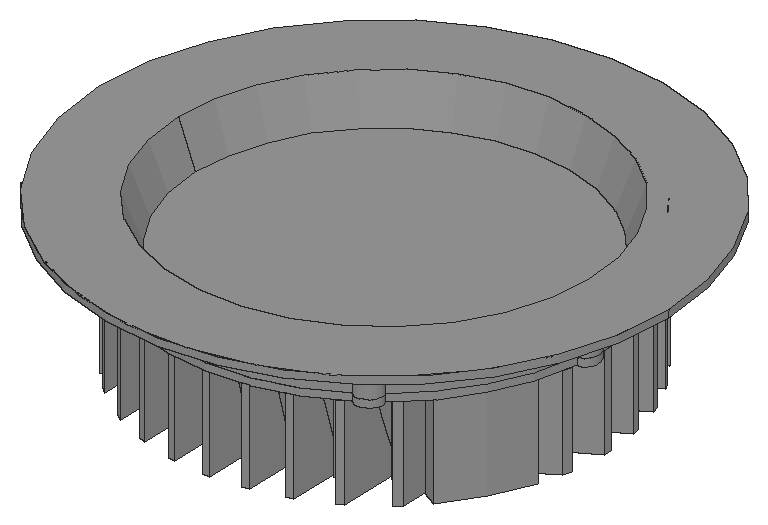
Revit family "Iiris 18W", category Lighting Fixtures, host Face, Revit 2019
Family settings
  Host = Face
  Round Connector Dimension = Use Diameter
  Part Type = Normal
  OmniClass Number = 23.80.70.11.11
  OmniClass Title = General Luminaries, Non Directional
  Cut with Voids When Loaded = No
  Light Source = Yes
  Shared = No
  Room Calculation Point = No
Parameters (values of type "Iiris 18W, Warm White, White, Dali, 230V - 34AV996L018XDA")
  Wattage Comments = "18W"
  Wattage = 18 W
  built-in parameter 1150110 = 1 (stored number, unit not read)
  Voltage = 230 V
  URL = "www.winled.fi"
  Type Image = Iiris 18W.png
  built-in parameter 1114217 = 1 (stored number, unit not read)
  Tilt Angle = -90.00°
  built-in parameter 1150109 = 1 (stored number, unit not read)
  built-in parameter 1150134 = (empty or 0)
  built-in parameter 1150113 = 1 (stored number, unit not read)
  Product Number = "34AV996L018XDA"
  Position Number = ""
  Photometric Web File = "Iiris 18W LV.ies"
  Operating Temperature Range = "-20° to +40°C"
  Model = "Iiris 18W"
  Manufacturer = "Winled Oy Ltd"
  built-in parameter 1150105 = 111.25 (stored number, unit not read)
  Lumens = 1398.06 lm
  built-in parameter 1150115 = 1 (stored number, unit not read)
  Lumens Output = "1398lm"
  built-in parameter 1150137 = (empty or 0)
  built-in parameter 1150139 = (empty or 0)
  Lifetime L70 = "40000h"
  Last Updated = "25.2.2016"
  built-in parameter 1150112 = 1 (stored number, unit not read)
  built-in parameter 1150114 = 1 (stored number, unit not read)
  Lamp = "LED"
  built-in parameter 1150132 = (empty or 0)
  built-in parameter 1150102 = (empty or 0)
  built-in parameter 1150107 = 3000 (stored number, unit not read)
  built-in parameter 1150138 = (empty or 0)
  built-in parameter 1150106 = 1.1125 (stored number, unit not read)
  IP Code = "IP44"
  Housing Material = "Aluminium"
  built-in parameter 1150104 = 7.2158 (stored number, unit not read)
  Driver = "Separate"
  Directivity = "No"
  Dimming Lamp Color Temperature Shift = <None>
  Dimmable = "Yes"
  Dimensions = "170mm x 45mm"
  Description = "Downlight"
  Depth = "60mm"
  Default Elevation = 1219.2 mm
  Cutout = "150mm"
  Color Temperature = "3000K"
  Color Filter = 16777215
  Color = White Metal
  Casing Color = "White"
  CRI = "85"
  Beam Angle = "90°"
  built-in parameter 1114218 = 1 (stored number, unit not read)
  built-in parameter 1150133 = 10 (stored number, unit not read)
Types (25, lengths in mm): name | Voltage | built-in parameter 1150134 | Product Number | Photometric Web File | built-in parameter 1150105 | Lumens | Lumens Output | built-in parameter 1150107 | built-in parameter 1150106 | built-in parameter 1150104 | Color Temperature | Color | Casing Color
  (no name) | 230 V | (empty or 0) | "34AV996L018XDA" | "Iiris 18W LV.ies" | 111.25 (stored number, unit not read) | 1398.06 lm | "1398lm" | 3000 (stored number, unit not read) | 1.1125 (stored number, unit not read) | 7.2158 (stored number, unit not read) | "3000K" | White Metal | "White"
  Iiris 18W, Neutral White, Brushed Aluminium, 110V - 34XAV998N018X | 110 V | 12 | "34XAV998N018X" | "Iiris 18W NV.ies" | 113.56 (stored number, unit not read) | 1427.04 lm | "1427lm" | 4000 (stored number, unit not read) | 1.1356 (stored number, unit not read) | 7.3654 (stored number, unit not read) | "4000K" | Brushed Aluminium | "Brushed Aluminium"
  Iiris 18W, Neutral White, Brushed Aluminium, 0-10V, 110V - 34XAV998N018X10 | 110 V | 12 | "34XAV998N018X10" | "Iiris 18W NV.ies" | 113.56 (stored number, unit not read) | 1427.04 lm | "1427lm" | 4000 (stored number, unit not read) | 1.1356 (stored number, unit not read) | 7.3654 (stored number, unit not read) | "4000K" | Brushed Aluminium | "Brushed Aluminium"
  Iiris 18W, Neutral White, Brushed Aluminium, Dali, 110V - 34XAV998N018XDA | 110 V | 12 | "34XAV998N018XDA" | "Iiris 18W NV.ies" | 113.56 (stored number, unit not read) | 1427.04 lm | "1427lm" | 4000 (stored number, unit not read) | 1.1356 (stored number, unit not read) | 7.3654 (stored number, unit not read) | "4000K" | Brushed Aluminium | "Brushed Aluminium"
  Iiris 18W, Neutral White, White, 110V - 34XAV996N018X | 110 V | 12 | "34XAV996N018X" | "Iiris 18W NV.ies" | 113.56 (stored number, unit not read) | 1427.04 lm | "1427lm" | 4000 (stored number, unit not read) | 1.1356 (stored number, unit not read) | 7.3654 (stored number, unit not read) | "4000K" | White Metal | "White"
  Iiris 18W, Neutral White, White, 0-10V, 110V - 34XAV996N018X10 | 110 V | 12 | "34XAV996N018X10" | "Iiris 18W NV.ies" | 113.56 (stored number, unit not read) | 1427.04 lm | "1427lm" | 4000 (stored number, unit not read) | 1.1356 (stored number, unit not read) | 7.3654 (stored number, unit not read) | "4000K" | White Metal | "White"
  Iiris 18W, Neutral White, White, Dali, 110V - 34XAV996N018XDA | 110 V | 12 | "34XAV996N018XDA" | "Iiris 18W NV.ies" | 113.56 (stored number, unit not read) | 1427.04 lm | "1427lm" | 4000 (stored number, unit not read) | 1.1356 (stored number, unit not read) | 7.3654 (stored number, unit not read) | "4000K" | White Metal | "White"
  Iiris 18W, Warm White, White, 110V - 34XAV996L018X | 110 V | (empty or 0) | "34XAV996L018X" | "Iiris 18W LV.ies" | 111.25 (stored number, unit not read) | 1398.06 lm | "1398lm" | 3000 (stored number, unit not read) | 1.1125 (stored number, unit not read) | 7.2158 (stored number, unit not read) | "3000K" | White Metal | "White"
  Iiris 18W, Warm White, White, 0-10V, 110V - 34XAV996L018X10 | 110 V | (empty or 0) | "34XAV996L018X10" | "Iiris 18W LV.ies" | 111.25 (stored number, unit not read) | 1398.06 lm | "1398lm" | 3000 (stored number, unit not read) | 1.1125 (stored number, unit not read) | 7.2158 (stored number, unit not read) | "3000K" | White Metal | "White"
  Iiris 18W, Warm White, White, Dali, 110V - 34XAV996L018XDA | 110 V | (empty or 0) | "34XAV996L018XDA" | "Iiris 18W LV.ies" | 111.25 (stored number, unit not read) | 1398.06 lm | "1398lm" | 3000 (stored number, unit not read) | 1.1125 (stored number, unit not read) | 7.2158 (stored number, unit not read) | "3000K" | White Metal | "White"
  Iiris 18W, Warm White, Brushed Aluminium, 110V - 34XAV998L018X | 110 V | (empty or 0) | "34XAV998L018X" | "Iiris 18W LV.ies" | 111.25 (stored number, unit not read) | 1398.06 lm | "1398lm" | 3000 (stored number, unit not read) | 1.1125 (stored number, unit not read) | 7.2158 (stored number, unit not read) | "3000K" | Brushed Aluminium | "Brushed Aluminium"
  Iiris 18W, Warm White, Brushed Aluminium, 0-10V, 110V - 34XAV998L018X10 | 110 V | (empty or 0) | "34XAV998L018X10" | "Iiris 18W LV.ies" | 111.25 (stored number, unit not read) | 1398.06 lm | "1398lm" | 3000 (stored number, unit not read) | 1.1125 (stored number, unit not read) | 7.2158 (stored number, unit not read) | "3000K" | Brushed Aluminium | "Brushed Aluminium"
  Iiris 18W, Warm White, Brushed Aluminium, Dali, 110V - 34XAV998L018XDA | 110 V | (empty or 0) | "34XAV998L018XDA" | "Iiris 18W LV.ies" | 111.25 (stored number, unit not read) | 1398.06 lm | "1398lm" | 3000 (stored number, unit not read) | 1.1125 (stored number, unit not read) | 7.2158 (stored number, unit not read) | "3000K" | Brushed Aluminium | "Brushed Aluminium"
  Iiris 18W, Neutral White, Brushed Aluminium, 0-10V, 230V - 34AV998N018X10 | 230 V | 12 | "34AV998N018X10" | "Iiris 18W NV.ies" | 113.56 (stored number, unit not read) | 1427.04 lm | "1427lm" | 4000 (stored number, unit not read) | 1.1356 (stored number, unit not read) | 7.3654 (stored number, unit not read) | "4000K" | Brushed Aluminium | "Brushed Aluminium"
  Iiris 18W, Neutral White, Brushed Aluminium, 230V - 34AV998N018X | 230 V | 12 | "34AV998N018X" | "Iiris 18W NV.ies" | 113.56 (stored number, unit not read) | 1427.04 lm | "1427lm" | 4000 (stored number, unit not read) | 1.1356 (stored number, unit not read) | 7.3654 (stored number, unit not read) | "4000K" | Brushed Aluminium | "Brushed Aluminium"
  Iiris 18W, Neutral White, Brushed Aluminium, Dali, 230V - 34AV998N018XDA | 230 V | 12 | "34AV998N018XDA" | "Iiris 18W NV.ies" | 113.56 (stored number, unit not read) | 1427.04 lm | "1427lm" | 4000 (stored number, unit not read) | 1.1356 (stored number, unit not read) | 7.3654 (stored number, unit not read) | "4000K" | Brushed Aluminium | "Brushed Aluminium"
  Iiris 18W, Neutral White, White, 0-10V, 230V - 34AV996N018X10 | 230 V | 12 | "34AV996N018X10" | "Iiris 18W NV.ies" | 113.56 (stored number, unit not read) | 1427.04 lm | "1427lm" | 4000 (stored number, unit not read) | 1.1356 (stored number, unit not read) | 7.3654 (stored number, unit not read) | "4000K" | White Metal | "White"
  Iiris 18W, Neutral White, White, 230V - 34AV996N018X | 230 V | 12 | "34AV996N018X" | "Iiris 18W NV.ies" | 113.56 (stored number, unit not read) | 1427.04 lm | "1427lm" | 4000 (stored number, unit not read) | 1.1356 (stored number, unit not read) | 7.3654 (stored number, unit not read) | "4000K" | White Metal | "White"
  Iiris 18W, Neutral White, White, Dali, 230V - 34AV996N018XDA | 230 V | 12 | "34AV996N018XDA" | "Iiris 18W NV.ies" | 113.56 (stored number, unit not read) | 1427.04 lm | "1427lm" | 4000 (stored number, unit not read) | 1.1356 (stored number, unit not read) | 7.3654 (stored number, unit not read) | "4000K" | White Metal | "White"
  Iiris 18W, Warm White, Brushed Aluminium, 0-10V, 230V - 34AV998L018X10 | 230 V | (empty or 0) | "34AV998L018X10" | "Iiris 18W LV.ies" | 111.25 (stored number, unit not read) | 1398.06 lm | "1398lm" | 3000 (stored number, unit not read) | 1.1125 (stored number, unit not read) | 7.2158 (stored number, unit not read) | "3000K" | Brushed Aluminium | "Brushed Aluminium"
  Iiris 18W, Warm White, Brushed Aluminium, 230V - 34AV998L018X | 230 V | (empty or 0) | "34AV998L018X" | "Iiris 18W LV.ies" | 111.25 (stored number, unit not read) | 1398.06 lm | "1398lm" | 3000 (stored number, unit not read) | 1.1125 (stored number, unit not read) | 7.2158 (stored number, unit not read) | "3000K" | Brushed Aluminium | "Brushed Aluminium"
  Iiris 18W, Warm White, Brushed Aluminium, Dali, 230V - 34AV998L018XDA | 230 V | (empty or 0) | "34AV998L018XDA" | "Iiris 18W LV.ies" | 111.25 (stored number, unit not read) | 1398.06 lm | "1398lm" | 3000 (stored number, unit not read) | 1.1125 (stored number, unit not read) | 7.2158 (stored number, unit not read) | "3000K" | Brushed Aluminium | "Brushed Aluminium"
  Iiris 18W, Warm White, White, 0-10V, 230V - 34AV996L018X10 | 230 V | (empty or 0) | "34AV996L018X10" | "Iiris 18W LV.ies" | 111.25 (stored number, unit not read) | 1398.06 lm | "1398lm" | 3000 (stored number, unit not read) | 1.1125 (stored number, unit not read) | 7.2158 (stored number, unit not read) | "3000K" | White Metal | "White"
  Iiris 18W, Warm White, White, 230V - 34AV996L018X | 230 V | (empty or 0) | "34AV996L018X" | "Iiris 18W LV.ies" | 111.25 (stored number, unit not read) | 1398.06 lm | "1398lm" | 3000 (stored number, unit not read) | 1.1125 (stored number, unit not read) | 7.2158 (stored number, unit not read) | "3000K" | White Metal | "White"
  Iiris 18W, Warm White, White, Dali, 230V - 34AV996L018XDA | 230 V | (empty or 0) | "34AV996L018XDA" | "Iiris 18W LV.ies" | 111.25 (stored number, unit not read) | 1398.06 lm | "1398lm" | 3000 (stored number, unit not read) | 1.1125 (stored number, unit not read) | 7.2158 (stored number, unit not read) | "3000K" | White Metal | "White"
Reference planes
  plane 1 "Center (Front/Back)": y = 0
  plane 2: z = 0
  plane 3 "Center (Left/Right)": x = 0
Forms (mm)
  Extrusion 1, void
    sketch origin (0, 0, 0) x (1, 0, 0) y (0, 1, 0)
      loop
        circle (0, 0) r 75
    from 0 to -60
Lines and regions (mm)
  symbolic lines
    curve 1: circle (0, 0, 0) r 85 normal (0, 0, 1)
    curve 2: line (-60.104, -60.104, 0) -> (60.104, 60.104, 0)
    curve 3: line (-60.104, 60.104, 0) -> (60.104, -60.104, 0)
Dimensions and locks
  aligned and locked: plane 2 to host face
  aligned and locked: level to host face
Nested families
  nested 1: "iiris 18W malli" at (0, 0, 0), Color <- "Color", type "iiris 18W malli"
    with Color White Metal
Connectors
  electrical at (0, 0, -42.8), driven by "Voltage"
    settings: on nested 1, index 1, voltage 230 V, apparent load 0 VA, apparent load phase1 18 VA, apparent load phase2 0 VA, apparent load phase3 0 VA, power factor 1, load classification "Lighting", number of poles 1, system type 31, power factor state 1, is connector primary yes, connector utility no, sub classification motor no, connector description ""
Definition of nested family "iiris 18W malli"
  Parameters (values of type "iiris 18W malli")
    Color [instance] = none
  Reference planes
    plane 1 "Center (Front/Back)": y = 0
    plane 2: z = 0
    plane 3 "Center (Left/Right)": x = 0
  Forms (mm)
    Extrusion 1, solid, material <- "Color"
      sketch origin (0, 0, 0) x (1, 0, 0) y (0, 1, 0)
        loop
          circle (0, 0) r 85
      from 0 to 2.2
    Extrusion 2, solid, material <- "Color"
      sketch origin (0, 0, 0) x (1, 0, 0) y (0, 1, 0)
        loop
          circle (0, 0) r 66.5
      from 0 to -12.8
    Extrusion 3, solid, material <- "Color"
      sketch origin (0, 0, 0) x (1, 0, 0) y (0, 1, 0)
        loop
          arc (-31, 58.832) -> (-27.547, 60.526) -> (-24.002, 62.017) r 66.5
          spline (-24.002, 62.017) -> (-24.446, 62.673) -> (-25.098, 63.175) -> (-25.913, 63.49) -> (-26.836, 63.596) -> (-27.804, 63.486) -> (-28.751, 63.168) -> (-29.614, 62.663) -> (-30.332, 62.005) -> (-30.858, 61.239) -> (-31.155, 60.418) -> (-31.204, 59.597) -> (-31, 58.832)
        loop
          spline (31, 58.832) -> (31.204, 59.597) -> (31.155, 60.418) -> (30.858, 61.239) -> (30.332, 62.005) -> (29.614, 62.663) -> (28.751, 63.168) -> (27.804, 63.486) -> (26.836, 63.596) -> (25.913, 63.49) -> (25.098, 63.175) -> (24.446, 62.673) -> (24.002, 62.017)
          arc (24.002, 62.017) -> (27.547, 60.526) -> (31, 58.832) r 66.5
      from 0 to -12.8
    Extrusion 4, solid, material <- "Color"
      sketch origin (0, 0, 0) x (-0.5, -0.866025, 0) y (0.866025, -0.5, 0)
        loop
          arc (-31, 58.832) -> (-27.547, 60.526) -> (-24.002, 62.017) r 66.5
          spline (-24.002, 62.017) -> (-24.446, 62.673) -> (-25.098, 63.175) -> (-25.913, 63.49) -> (-26.836, 63.596) -> (-27.804, 63.486) -> (-28.751, 63.168) -> (-29.614, 62.663) -> (-30.332, 62.005) -> (-30.858, 61.239) -> (-31.155, 60.418) -> (-31.204, 59.597) -> (-31, 58.832)
        loop
          spline (31, 58.832) -> (31.204, 59.597) -> (31.155, 60.418) -> (30.858, 61.239) -> (30.332, 62.005) -> (29.614, 62.663) -> (28.751, 63.168) -> (27.804, 63.486) -> (26.836, 63.596) -> (25.913, 63.49) -> (25.098, 63.175) -> (24.446, 62.673) -> (24.002, 62.017)
          arc (24.002, 62.017) -> (27.547, 60.526) -> (31, 58.832) r 66.5
      from 0 to -12.8
    Extrusion 5, solid, material <- "Color"
      sketch origin (0, 0, 0) x (-0.5, 0.866025, 0) y (-0.866025, -0.5, 0)
        loop
          arc (-31, 58.832) -> (-27.547, 60.526) -> (-24.002, 62.017) r 66.5
          spline (-24.002, 62.017) -> (-24.446, 62.673) -> (-25.098, 63.175) -> (-25.913, 63.49) -> (-26.836, 63.596) -> (-27.804, 63.486) -> (-28.751, 63.168) -> (-29.614, 62.663) -> (-30.332, 62.005) -> (-30.858, 61.239) -> (-31.155, 60.418) -> (-31.204, 59.597) -> (-31, 58.832)
        loop
          spline (31, 58.832) -> (31.204, 59.597) -> (31.155, 60.418) -> (30.858, 61.239) -> (30.332, 62.005) -> (29.614, 62.663) -> (28.751, 63.168) -> (27.804, 63.486) -> (26.836, 63.596) -> (25.913, 63.49) -> (25.098, 63.175) -> (24.446, 62.673) -> (24.002, 62.017)
          arc (24.002, 62.017) -> (27.547, 60.526) -> (31, 58.832) r 66.5
      from 0 to -12.8
    Blend 6, void
      base sketch origin (0, 0, 0) x (1, 0, 0) y (0, 1, 0)
        loop
          circle (0, 0) r 56.5
      top sketch origin (0, 0, 0) x (1, 0, 0) y (0, 1, 0)
        loop
          circle (0, 0) r 61.5
      from -10.8 to 2.2
    Extrusion 7, void
      sketch origin (0, 0, 0) x (1, 0, 0) y (0, 1, 0)
        loop
          circle (0, 0) r 61
      from -10.8 to -12.8
    Extrusion 8, solid
      sketch origin (0, 0, 0) x (1, 0, 0) y (0, 1, 0)
        loop
          circle (0, 0) r 61
      from -10.8 to -12.8
    Extrusion 9, solid, material <- "Color", detail levels medium+fine
      sketch origin (0, 0, 0) x (1, 0, 0) y (0, 1, 0)
        loop
          spline (-24.002, 62.017) -> (-24.446, 62.673) -> (-25.098, 63.175) -> (-25.913, 63.49) -> (-26.836, 63.596) -> (-27.804, 63.486) -> (-28.751, 63.168) -> (-29.614, 62.663) -> (-30.332, 62.005) -> (-30.858, 61.239) -> (-31.155, 60.418) -> (-31.204, 59.597) -> (-31, 58.832)
          arc (-31, 58.832) -> (-57.591, 33.25) -> (-66.45, -2.569) r 66.5
          spline (-66.45, -2.569) -> (-67.214, -2.775) -> (-67.901, -3.228) -> (-68.464, -3.896) -> (-68.864, -4.734) -> (-69.074, -5.685) -> (-69.081, -6.685) -> (-68.883, -7.664) -> (-68.494, -8.558) -> (-67.94, -9.304) -> (-67.26, -9.852) -> (-66.499, -10.165) -> (-65.71, -10.222)
          arc (-65.71, -10.222) -> (-57.591, -33.25) -> (-41.707, -51.795) r 66.5
          spline (-41.707, -51.795) -> (-42.053, -52.507) -> (-42.162, -53.323) -> (-42.028, -54.186) -> (-41.658, -55.038) -> (-41.079, -55.822) -> (-40.329, -56.483) -> (-39.461, -56.978) -> (-38.532, -57.271) -> (-37.606, -57.343) -> (-36.746, -57.19) -> (-36.011, -56.822) -> (-35.45, -56.263)
          arc (-35.45, -56.263) -> (0, -66.5) -> (35.45, -56.263) r 66.5
          spline (35.45, -56.263) -> (36.011, -56.822) -> (36.746, -57.19) -> (37.606, -57.343) -> (38.532, -57.271) -> (39.461, -56.978) -> (40.329, -56.483) -> (41.079, -55.822) -> (41.658, -55.038) -> (42.028, -54.186) -> (42.162, -53.323) -> (42.053, -52.507) -> (41.707, -51.795)
          arc (41.707, -51.795) -> (57.591, -33.25) -> (65.71, -10.222) r 66.5
          spline (65.71, -10.222) -> (66.499, -10.165) -> (67.26, -9.852) -> (67.94, -9.304) -> (68.494, -8.558) -> (68.883, -7.664) -> (69.081, -6.685) -> (69.074, -5.685) -> (68.864, -4.734) -> (68.464, -3.896) -> (67.901, -3.228) -> (67.214, -2.775) -> (66.45, -2.569)
          arc (66.45, -2.569) -> (57.591, 33.25) -> (31, 58.832) r 66.5
          spline (31, 58.832) -> (31.204, 59.597) -> (31.155, 60.418) -> (30.858, 61.239) -> (30.332, 62.005) -> (29.614, 62.663) -> (28.751, 63.168) -> (27.804, 63.486) -> (26.836, 63.596) -> (25.913, 63.49) -> (25.098, 63.175) -> (24.446, 62.673) -> (24.002, 62.017)
          arc (24.002, 62.017) -> (0, 66.5) -> (-24.002, 62.017) r 66.5
      from -15 to -12.8
    Blend 10, solid, material <- "Color", detail levels fine
      base sketch origin (0, 0, 0) x (1, 0, 0) y (0, 1, 0)
        loop
          circle (0, 0) r 58
      top sketch origin (0, 0, 0) x (1, 0, 0) y (0, 1, 0)
        loop
          circle (0, 0) r 51
      from -15 to -40.5
    Blend 11, void
      base sketch origin (0, 0, 0) x (1, 0, 0) y (0, 1, 0)
        loop
          circle (0, 0) r 51
      top sketch origin (0, 0, 0) x (1, 0, 0) y (0, 1, 0)
        loop
          circle (0, 0) r 58
      from -34.8 to -12.8
    Extrusion 12, void
      sketch origin (0, 0, 0) x (1, 0, 0) y (0, 1, 0)
        loop
          circle (0, 0) r 49
      from -38.5 to -40.5
    Extrusion 13, solid, material <- "Color", detail levels medium+fine
      sketch origin (0, 0, 0) x (1, 0, 0) y (0, 1, 0)
        loop
          circle (0, 0) r 21.5
        loop
          circle (0, 0) r 19.5
        loop
          circle (0, 0) r 27.3
        loop
          circle (0, 0) r 25.6
      from -42.8 to -38.5
    Extrusion 14, solid, material <- "Color", detail levels medium+fine
      sketch origin (0, 0, 0) x (0.965926, 0.258819, 0) y (-0.258819, 0.965926, 0)
        loop
          line (-47.73, 46.315) -> (-19.998, 18.584)
          arc (-19.998, 18.584) -> (-19.304, 19.304) -> (-18.584, 19.998) r 27.3
          line (-18.584, 19.998) -> (-46.315, 47.73)
          arc (-46.315, 47.73) -> (-47.028, 47.028) -> (-47.73, 46.315) r 66.508
        loop
          line (-39.417, 53.559) -> (-10.891, 25.033)
          arc (-10.891, 25.033) -> (-9.88, 25.449) -> (-8.854, 25.824) r 27.3
          line (-8.854, 25.824) -> (-37.765, 54.736)
          arc (-37.765, 54.736) -> (-38.596, 54.154) -> (-39.417, 53.559) r 66.5
        loop
          line (-29.767, 59.466) -> (2.515, 27.184)
          arc (2.515, 27.184) -> (4.197, 26.975) -> (5.864, 26.663) r 27.3
          line (5.864, 26.663) -> (-27.857, 60.384)
          arc (-27.857, 60.384) -> (-28.816, 59.932) -> (-29.767, 59.466) r 66.5
        loop
          line (-18.593, 63.848) -> (3.323, 41.931)
          arc (3.323, 41.931) -> (9.193, 33.862) -> (12.291, 24.376) r 32
          arc (12.291, 24.376) -> (13.399, 23.786) -> (14.478, 23.144) r 27.3
          arc (14.478, 23.144) -> (11.322, 34.071) -> (4.738, 43.346) r 34
          line (4.738, 43.346) -> (-16.37, 64.454)
          arc (-16.37, 64.454) -> (-17.484, 64.16) -> (-18.593, 63.848) r 66.5
        loop
          line (-5.464, 66.275) -> (11.102, 49.71)
          arc (11.102, 49.71) -> (21.348, 33.319) -> (23.379, 14.096) r 43
          arc (23.379, 14.096) -> (24.207, 12.622) -> (24.942, 11.1) r 27.3
          arc (24.942, 11.1) -> (23.672, 32.647) -> (12.516, 51.124) r 45
          line (12.516, 51.124) -> (-2.801, 66.441)
          arc (-2.801, 66.441) -> (-4.133, 66.371) -> (-5.464, 66.275) r 66.5
        loop
          arc (-53.559, 39.417) -> (-54.154, 38.596) -> (-54.736, 37.765) r 66.5
          line (-54.736, 37.765) -> (-25.824, 8.854)
          arc (-25.824, 8.854) -> (-25.449, 9.88) -> (-25.033, 10.891) r 27.3
          line (-25.033, 10.891) -> (-53.559, 39.417)
        loop
          arc (-59.466, 29.767) -> (-59.932, 28.816) -> (-60.384, 27.857) r 66.5
          line (-60.384, 27.857) -> (-26.663, -5.864)
          arc (-26.663, -5.864) -> (-26.975, -4.197) -> (-27.184, -2.515) r 27.3
          line (-27.184, -2.515) -> (-59.466, 29.767)
        loop
          arc (-63.848, 18.593) -> (-64.16, 17.484) -> (-64.454, 16.37) r 66.5
          line (-64.454, 16.37) -> (-43.346, -4.738)
          arc (-43.346, -4.738) -> (-34.071, -11.322) -> (-23.144, -14.478) r 34
          arc (-23.144, -14.478) -> (-23.786, -13.399) -> (-24.376, -12.291) r 27.3
          arc (-24.376, -12.291) -> (-33.862, -9.193) -> (-41.931, -3.323) r 32
          line (-41.931, -3.323) -> (-63.848, 18.593)
        loop
          arc (-66.275, 5.464) -> (-66.371, 4.133) -> (-66.441, 2.801) r 66.5
          line (-66.441, 2.801) -> (-51.124, -12.516)
          arc (-51.124, -12.516) -> (-32.647, -23.672) -> (-11.1, -24.942) r 45
          arc (-11.1, -24.942) -> (-12.622, -24.207) -> (-14.096, -23.379) r 27.3
          arc (-14.096, -23.379) -> (-33.319, -21.348) -> (-49.71, -11.102) r 43
          line (-49.71, -11.102) -> (-66.275, 5.464)
      from -42.8 to -15
    Extrusion 15, solid, material <- "Color", detail levels medium+fine
      sketch origin (0, 0, 0) x (-0.258819, -0.965926, 0) y (0.965926, -0.258819, 0)
        loop
          line (-47.73, 46.315) -> (-19.998, 18.584)
          arc (-19.998, 18.584) -> (-19.304, 19.304) -> (-18.584, 19.998) r 27.3
          line (-18.584, 19.998) -> (-46.315, 47.73)
          arc (-46.315, 47.73) -> (-47.028, 47.028) -> (-47.73, 46.315) r 66.508
        loop
          line (-39.417, 53.559) -> (-10.891, 25.033)
          arc (-10.891, 25.033) -> (-9.88, 25.449) -> (-8.854, 25.824) r 27.3
          line (-8.854, 25.824) -> (-37.765, 54.736)
          arc (-37.765, 54.736) -> (-38.596, 54.154) -> (-39.417, 53.559) r 66.5
        loop
          line (-29.767, 59.466) -> (2.515, 27.184)
          arc (2.515, 27.184) -> (4.197, 26.975) -> (5.864, 26.663) r 27.3
          line (5.864, 26.663) -> (-27.857, 60.384)
          arc (-27.857, 60.384) -> (-28.816, 59.932) -> (-29.767, 59.466) r 66.5
        loop
          line (-18.593, 63.848) -> (3.323, 41.931)
          arc (3.323, 41.931) -> (9.193, 33.862) -> (12.291, 24.376) r 32
          arc (12.291, 24.376) -> (13.399, 23.786) -> (14.478, 23.144) r 27.3
          arc (14.478, 23.144) -> (11.322, 34.071) -> (4.738, 43.346) r 34
          line (4.738, 43.346) -> (-16.37, 64.454)
          arc (-16.37, 64.454) -> (-17.484, 64.16) -> (-18.593, 63.848) r 66.5
        loop
          line (-5.464, 66.275) -> (11.102, 49.71)
          arc (11.102, 49.71) -> (21.348, 33.319) -> (23.379, 14.096) r 43
          arc (23.379, 14.096) -> (24.207, 12.622) -> (24.942, 11.1) r 27.3
          arc (24.942, 11.1) -> (23.672, 32.647) -> (12.516, 51.124) r 45
          line (12.516, 51.124) -> (-2.801, 66.441)
          arc (-2.801, 66.441) -> (-4.133, 66.371) -> (-5.464, 66.275) r 66.5
        loop
          arc (-53.559, 39.417) -> (-54.154, 38.596) -> (-54.736, 37.765) r 66.5
          line (-54.736, 37.765) -> (-25.824, 8.854)
          arc (-25.824, 8.854) -> (-25.449, 9.88) -> (-25.033, 10.891) r 27.3
          line (-25.033, 10.891) -> (-53.559, 39.417)
        loop
          arc (-59.466, 29.767) -> (-59.932, 28.816) -> (-60.384, 27.857) r 66.5
          line (-60.384, 27.857) -> (-26.663, -5.864)
          arc (-26.663, -5.864) -> (-26.975, -4.197) -> (-27.184, -2.515) r 27.3
          line (-27.184, -2.515) -> (-59.466, 29.767)
        loop
          arc (-63.848, 18.593) -> (-64.16, 17.484) -> (-64.454, 16.37) r 66.5
          line (-64.454, 16.37) -> (-43.346, -4.738)
          arc (-43.346, -4.738) -> (-34.071, -11.322) -> (-23.144, -14.478) r 34
          arc (-23.144, -14.478) -> (-23.786, -13.399) -> (-24.376, -12.291) r 27.3
          arc (-24.376, -12.291) -> (-33.862, -9.193) -> (-41.931, -3.323) r 32
          line (-41.931, -3.323) -> (-63.848, 18.593)
        loop
          arc (-66.275, 5.464) -> (-66.371, 4.133) -> (-66.441, 2.801) r 66.5
          line (-66.441, 2.801) -> (-51.124, -12.516)
          arc (-51.124, -12.516) -> (-32.647, -23.672) -> (-11.1, -24.942) r 45
          arc (-11.1, -24.942) -> (-12.622, -24.207) -> (-14.096, -23.379) r 27.3
          arc (-14.096, -23.379) -> (-33.319, -21.348) -> (-49.71, -11.102) r 43
          line (-49.71, -11.102) -> (-66.275, 5.464)
      from -42.8 to -15
    Extrusion 16, solid, material <- "Color", detail levels medium+fine
      sketch origin (0, 0, 0) x (-0.707107, 0.707107, 0) y (-0.707107, -0.707107, 0)
        loop
          line (-47.73, 46.315) -> (-19.998, 18.584)
          arc (-19.998, 18.584) -> (-19.304, 19.304) -> (-18.584, 19.998) r 27.3
          line (-18.584, 19.998) -> (-46.315, 47.73)
          arc (-46.315, 47.73) -> (-47.028, 47.028) -> (-47.73, 46.315) r 66.508
        loop
          line (-39.417, 53.559) -> (-10.891, 25.033)
          arc (-10.891, 25.033) -> (-9.88, 25.449) -> (-8.854, 25.824) r 27.3
          line (-8.854, 25.824) -> (-37.765, 54.736)
          arc (-37.765, 54.736) -> (-38.596, 54.154) -> (-39.417, 53.559) r 66.5
        loop
          line (-29.767, 59.466) -> (2.515, 27.184)
          arc (2.515, 27.184) -> (4.197, 26.975) -> (5.864, 26.663) r 27.3
          line (5.864, 26.663) -> (-27.857, 60.384)
          arc (-27.857, 60.384) -> (-28.816, 59.932) -> (-29.767, 59.466) r 66.5
        loop
          line (-18.593, 63.848) -> (3.323, 41.931)
          arc (3.323, 41.931) -> (9.193, 33.862) -> (12.291, 24.376) r 32
          arc (12.291, 24.376) -> (13.399, 23.786) -> (14.478, 23.144) r 27.3
          arc (14.478, 23.144) -> (11.322, 34.071) -> (4.738, 43.346) r 34
          line (4.738, 43.346) -> (-16.37, 64.454)
          arc (-16.37, 64.454) -> (-17.484, 64.16) -> (-18.593, 63.848) r 66.5
        loop
          line (-5.464, 66.275) -> (11.102, 49.71)
          arc (11.102, 49.71) -> (21.348, 33.319) -> (23.379, 14.096) r 43
          arc (23.379, 14.096) -> (24.207, 12.622) -> (24.942, 11.1) r 27.3
          arc (24.942, 11.1) -> (23.672, 32.647) -> (12.516, 51.124) r 45
          line (12.516, 51.124) -> (-2.801, 66.441)
          arc (-2.801, 66.441) -> (-4.133, 66.371) -> (-5.464, 66.275) r 66.5
        loop
          arc (-53.559, 39.417) -> (-54.154, 38.596) -> (-54.736, 37.765) r 66.5
          line (-54.736, 37.765) -> (-25.824, 8.854)
          arc (-25.824, 8.854) -> (-25.449, 9.88) -> (-25.033, 10.891) r 27.3
          line (-25.033, 10.891) -> (-53.559, 39.417)
        loop
          arc (-59.466, 29.767) -> (-59.932, 28.816) -> (-60.384, 27.857) r 66.5
          line (-60.384, 27.857) -> (-26.663, -5.864)
          arc (-26.663, -5.864) -> (-26.975, -4.197) -> (-27.184, -2.515) r 27.3
          line (-27.184, -2.515) -> (-59.466, 29.767)
        loop
          arc (-63.848, 18.593) -> (-64.16, 17.484) -> (-64.454, 16.37) r 66.5
          line (-64.454, 16.37) -> (-43.346, -4.738)
          arc (-43.346, -4.738) -> (-34.071, -11.322) -> (-23.144, -14.478) r 34
          arc (-23.144, -14.478) -> (-23.786, -13.399) -> (-24.376, -12.291) r 27.3
          arc (-24.376, -12.291) -> (-33.862, -9.193) -> (-41.931, -3.323) r 32
          line (-41.931, -3.323) -> (-63.848, 18.593)
        loop
          arc (-66.275, 5.464) -> (-66.371, 4.133) -> (-66.441, 2.801) r 66.5
          line (-66.441, 2.801) -> (-51.124, -12.516)
          arc (-51.124, -12.516) -> (-32.647, -23.672) -> (-11.1, -24.942) r 45
          arc (-11.1, -24.942) -> (-12.622, -24.207) -> (-14.096, -23.379) r 27.3
          arc (-14.096, -23.379) -> (-33.319, -21.348) -> (-49.71, -11.102) r 43
          line (-49.71, -11.102) -> (-66.275, 5.464)
      from -42.8 to -15
    Extrusion 17, solid, material <- "Color", detail levels medium+fine
      sketch origin (0, 0, 0) x (1, 0, 0) y (0, 1, 0)
        loop
          arc (-62.98, -21.35) -> (-57.591, -33.25) -> (-49.98, -43.867) r 66.5
          line (-49.98, -43.867) -> (-45, -40.992) -> (-45, -37.528) -> (-49.338, -40.032)
          arc (-49.338, -40.032) -> (-55.024, -31.768) -> (-59.338, -22.712) r 63.536
          line (-59.338, -22.712) -> (-55, -20.207) -> (-58, -18.475) -> (-62.98, -21.35)
      from -42.8 to -15
    Extrusion 18, solid, material <- "Color", detail levels medium+fine
      sketch origin (0, 0, 0) x (-0.5, -0.866025, 0) y (0.866025, -0.5, 0)
        loop
          arc (-62.98, -21.35) -> (-57.591, -33.25) -> (-49.98, -43.867) r 66.5
          line (-49.98, -43.867) -> (-45, -40.992) -> (-45, -37.528) -> (-49.338, -40.032)
          arc (-49.338, -40.032) -> (-55.024, -31.768) -> (-59.338, -22.712) r 63.536
          line (-59.338, -22.712) -> (-55, -20.207) -> (-58, -18.475) -> (-62.98, -21.35)
      from -42.8 to -15
    Extrusion 19, solid, material <- "Color", detail levels medium+fine
      sketch origin (0, 0, 0) x (-0.5, 0.866025, 0) y (-0.866025, -0.5, 0)
        loop
          arc (-62.98, -21.35) -> (-57.591, -33.25) -> (-49.98, -43.867) r 66.5
          line (-49.98, -43.867) -> (-45, -40.992) -> (-45, -37.528) -> (-49.338, -40.032)
          arc (-49.338, -40.032) -> (-55.024, -31.768) -> (-59.338, -22.712) r 63.536
          line (-59.338, -22.712) -> (-55, -20.207) -> (-58, -18.475) -> (-62.98, -21.35)
      from -42.8 to -15
    Extrusion 20, solid, material <- "Color", detail levels fine
      sketch origin (0, 0, 0) x (1, 0, 0) y (0, 1, 0)
        loop
          line (-47.828, 32.81) -> (-41.745, 29.298)
          arc (-41.745, 29.298) -> (-41.159, 30.115) -> (-40.557, 30.921) r 51
          line (-40.557, 30.921) -> (-46.663, 34.446)
          arc (-46.663, 34.446) -> (-47.253, 33.633) -> (-47.828, 32.81) r 58
        loop
          line (-40.653, 41.369) -> (-34.328, 37.717)
          arc (-34.328, 37.717) -> (-33.539, 38.42) -> (-32.736, 39.107) r 51
          line (-32.736, 39.107) -> (-39.139, 42.804)
          arc (-39.139, 42.804) -> (-39.902, 42.093) -> (-40.653, 41.369) r 58
        loop
          line (-31.738, 48.546) -> (-25.232, 44.321)
          arc (-25.232, 44.321) -> (-24.237, 44.873) -> (-23.23, 45.402) r 51
          line (-23.23, 45.402) -> (-29.872, 49.716)
          arc (-29.872, 49.716) -> (-30.811, 49.14) -> (-31.738, 48.546) r 58
        loop
          line (-19.569, 54.599) -> (-11.184, 49.759)
          arc (-11.184, 49.759) -> (-9.691, 50.071) -> (-8.189, 50.338) r 51
          line (-8.189, 50.338) -> (-17.031, 55.443)
          arc (-17.031, 55.443) -> (-18.304, 55.036) -> (-19.569, 54.599) r 58
        loop
          arc (-52.328, 25.015) -> (-52.753, 24.105) -> (-53.163, 23.188) r 58
          line (-53.163, 23.188) -> (-47.057, 19.663)
          arc (-47.057, 19.663) -> (-46.66, 20.587) -> (-46.245, 21.503) r 51
          line (-46.245, 21.503) -> (-52.328, 25.015)
        loop
          arc (-56.153, 14.522) -> (-56.405, 13.51) -> (-56.639, 12.493) r 58
          line (-56.639, 12.493) -> (-50.236, 8.796)
          arc (-50.236, 8.796) -> (-50.043, 9.835) -> (-49.828, 10.87) r 51
          line (-49.828, 10.87) -> (-56.153, 14.522)
        loop
          arc (-57.911, 3.213) -> (-57.961, 2.113) -> (-57.991, 1.012) r 58
          line (-57.991, 1.012) -> (-50.935, -2.583)
          arc (-50.935, -2.583) -> (-50.979, -1.446) -> (-50.999, -0.309) r 51
          line (-50.999, -0.309) -> (-57.911, 3.213)
        loop
          arc (-57.069, -10.353) -> (-56.815, -11.666) -> (-56.531, -12.973) r 58
          line (-56.531, -12.973) -> (-47.689, -18.078)
          arc (-47.689, -18.078) -> (-48.208, -16.643) -> (-48.684, -15.193) r 51
          line (-48.684, -15.193) -> (-57.069, -10.353)
      from -40.5 to -15
    Extrusion 21, solid, material <- "Color", detail levels fine
      sketch origin (0, 0, 0) x (-0.5, -0.866025, 0) y (0.866025, -0.5, 0)
        loop
          line (-47.828, 32.81) -> (-41.745, 29.298)
          arc (-41.745, 29.298) -> (-41.159, 30.115) -> (-40.557, 30.921) r 51
          line (-40.557, 30.921) -> (-46.663, 34.446)
          arc (-46.663, 34.446) -> (-47.253, 33.633) -> (-47.828, 32.81) r 58
        loop
          line (-40.653, 41.369) -> (-34.328, 37.717)
          arc (-34.328, 37.717) -> (-33.539, 38.42) -> (-32.736, 39.107) r 51
          line (-32.736, 39.107) -> (-39.139, 42.804)
          arc (-39.139, 42.804) -> (-39.902, 42.093) -> (-40.653, 41.369) r 58
        loop
          line (-31.738, 48.546) -> (-25.232, 44.321)
          arc (-25.232, 44.321) -> (-24.237, 44.873) -> (-23.23, 45.402) r 51
          line (-23.23, 45.402) -> (-29.872, 49.716)
          arc (-29.872, 49.716) -> (-30.811, 49.14) -> (-31.738, 48.546) r 58
        loop
          line (-19.569, 54.599) -> (-11.184, 49.759)
          arc (-11.184, 49.759) -> (-9.691, 50.071) -> (-8.189, 50.338) r 51
          line (-8.189, 50.338) -> (-17.031, 55.443)
          arc (-17.031, 55.443) -> (-18.304, 55.036) -> (-19.569, 54.599) r 58
        loop
          arc (-52.328, 25.015) -> (-52.753, 24.105) -> (-53.163, 23.188) r 58
          line (-53.163, 23.188) -> (-47.057, 19.663)
          arc (-47.057, 19.663) -> (-46.66, 20.587) -> (-46.245, 21.503) r 51
          line (-46.245, 21.503) -> (-52.328, 25.015)
        loop
          arc (-56.153, 14.522) -> (-56.405, 13.51) -> (-56.639, 12.493) r 58
          line (-56.639, 12.493) -> (-50.236, 8.796)
          arc (-50.236, 8.796) -> (-50.043, 9.835) -> (-49.828, 10.87) r 51
          line (-49.828, 10.87) -> (-56.153, 14.522)
        loop
          arc (-57.911, 3.213) -> (-57.961, 2.113) -> (-57.991, 1.012) r 58
          line (-57.991, 1.012) -> (-50.935, -2.583)
          arc (-50.935, -2.583) -> (-50.979, -1.446) -> (-50.999, -0.309) r 51
          line (-50.999, -0.309) -> (-57.911, 3.213)
        loop
          arc (-57.069, -10.353) -> (-56.815, -11.666) -> (-56.531, -12.973) r 58
          line (-56.531, -12.973) -> (-47.689, -18.078)
          arc (-47.689, -18.078) -> (-48.208, -16.643) -> (-48.684, -15.193) r 51
          line (-48.684, -15.193) -> (-57.069, -10.353)
      from -40.5 to -15
    Extrusion 22, solid, material <- "Color", detail levels fine
      sketch origin (0, 0, 0) x (-0.5, 0.866025, 0) y (-0.866025, -0.5, 0)
        loop
          line (-47.828, 32.81) -> (-41.745, 29.298)
          arc (-41.745, 29.298) -> (-41.159, 30.115) -> (-40.557, 30.921) r 51
          line (-40.557, 30.921) -> (-46.663, 34.446)
          arc (-46.663, 34.446) -> (-47.253, 33.633) -> (-47.828, 32.81) r 58
        loop
          line (-40.653, 41.369) -> (-34.328, 37.717)
          arc (-34.328, 37.717) -> (-33.539, 38.42) -> (-32.736, 39.107) r 51
          line (-32.736, 39.107) -> (-39.139, 42.804)
          arc (-39.139, 42.804) -> (-39.902, 42.093) -> (-40.653, 41.369) r 58
        loop
          line (-31.738, 48.546) -> (-25.232, 44.321)
          arc (-25.232, 44.321) -> (-24.237, 44.873) -> (-23.23, 45.402) r 51
          line (-23.23, 45.402) -> (-29.872, 49.716)
          arc (-29.872, 49.716) -> (-30.811, 49.14) -> (-31.738, 48.546) r 58
        loop
          line (-19.569, 54.599) -> (-11.184, 49.759)
          arc (-11.184, 49.759) -> (-9.691, 50.071) -> (-8.189, 50.338) r 51
          line (-8.189, 50.338) -> (-17.031, 55.443)
          arc (-17.031, 55.443) -> (-18.304, 55.036) -> (-19.569, 54.599) r 58
        loop
          arc (-52.328, 25.015) -> (-52.753, 24.105) -> (-53.163, 23.188) r 58
          line (-53.163, 23.188) -> (-47.057, 19.663)
          arc (-47.057, 19.663) -> (-46.66, 20.587) -> (-46.245, 21.503) r 51
          line (-46.245, 21.503) -> (-52.328, 25.015)
        loop
          arc (-56.153, 14.522) -> (-56.405, 13.51) -> (-56.639, 12.493) r 58
          line (-56.639, 12.493) -> (-50.236, 8.796)
          arc (-50.236, 8.796) -> (-50.043, 9.835) -> (-49.828, 10.87) r 51
          line (-49.828, 10.87) -> (-56.153, 14.522)
        loop
          arc (-57.911, 3.213) -> (-57.961, 2.113) -> (-57.991, 1.012) r 58
          line (-57.991, 1.012) -> (-50.935, -2.583)
          arc (-50.935, -2.583) -> (-50.979, -1.446) -> (-50.999, -0.309) r 51
          line (-50.999, -0.309) -> (-57.911, 3.213)
        loop
          arc (-57.069, -10.353) -> (-56.815, -11.666) -> (-56.531, -12.973) r 58
          line (-56.531, -12.973) -> (-47.689, -18.078)
          arc (-47.689, -18.078) -> (-48.208, -16.643) -> (-48.684, -15.193) r 51
          line (-48.684, -15.193) -> (-57.069, -10.353)
      from -40.5 to -15
  Cuts and joins
    Blend 6 cuts Extrusion 1
    Blend 6, Extrusion 7 cuts Extrusion 2
    joined: Extrusion 1, Extrusion 2, Extrusion 3, Extrusion 4, Extrusion 5
    Blend 11 cuts Extrusion 8
    Blend 11 cuts Extrusion 9
    Blend 11 cuts Extrusion 13
    Blend 11 cuts Extrusion 14
    Blend 11 cuts Extrusion 15
    Blend 11 cuts Extrusion 16
    Blend 11 cuts Extrusion 17
    Blend 11 cuts Extrusion 18
    Blend 11 cuts Extrusion 19
    joined: Extrusion 9, Extrusion 13, Extrusion 14, Extrusion 15, Extrusion 16, Extrusion 17, Extrusion 18, Extrusion 19
    Blend 11, Extrusion 12 cuts Blend 10
    Blend 11 cuts Extrusion 20
    Blend 11 cuts Extrusion 21
    Blend 11 cuts Extrusion 22
    joined: Blend 10, Extrusion 20, Extrusion 21, Extrusion 22
  Dimensions and locks
    aligned and locked: level to plane 2
